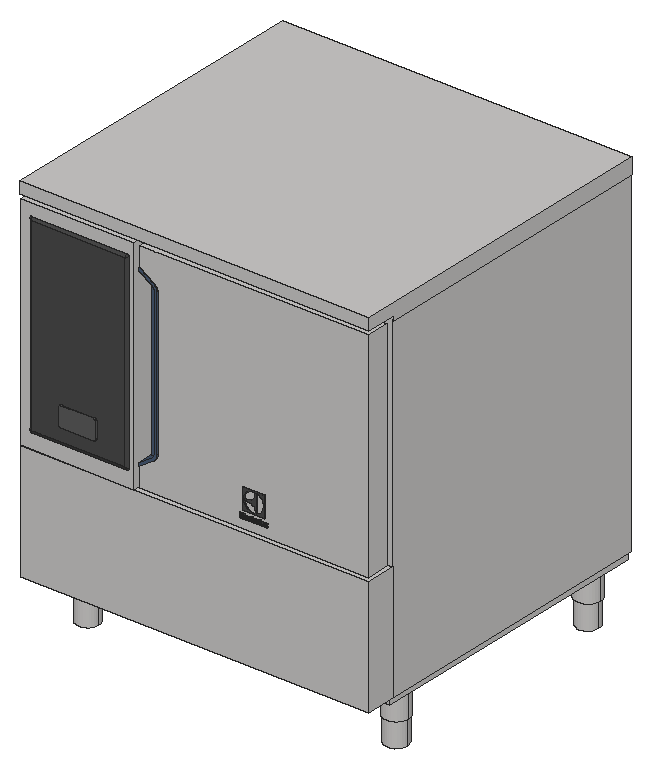
Revit family "QF_ELECTROLUXPROFESSIONAL_727731_EBFA61TQ", category Specialty Equipment, Revit 2018 (continued)
Automatic sketch dimensions
  Split face 46 sketch curve to Split face 46 sketch curve = 5.027 mm
  Split face 47 sketch curve to Extrusion 9 = 81.175 mm
  Split face 47 sketch curve to Extrusion 9 = 377.596 mm
  Split face 47 sketch curve to Split face 47 sketch curve = 110.015 mm
  Split face 47 sketch curve to Split face 47 sketch curve = 5.027 mm
  Split face 48 sketch curve to Extrusion 9 = 71.703 mm
  Split face 48 sketch curve to Extrusion 9 = 377.596 mm
  Split face 48 sketch curve to Split face 48 sketch curve = 110.015 mm
  Split face 48 sketch curve to Split face 48 sketch curve = 5.027 mm
  Split face 49 sketch curve to Extrusion 9 = 62.231 mm
  Split face 49 sketch curve to Extrusion 9 = 377.596 mm
  Split face 49 sketch curve to Split face 49 sketch curve = 110.015 mm
  Split face 49 sketch curve to Split face 49 sketch curve = 5.027 mm
  Split face 50 sketch curve to Extrusion 9 = 52.758 mm
  Split face 50 sketch curve to Extrusion 9 = 377.596 mm
  Split face 50 sketch curve to Extrusion 9 = 47.731 mm
  Split face 50 sketch curve to Split face 50 sketch curve = 110.015 mm
  Split face 51 sketch curve to Extrusion 9 = 43.286 mm
  Split face 51 sketch curve to Extrusion 9 = 377.596 mm
  Split face 51 sketch curve to Extrusion 9 = 38.259 mm
  Split face 51 sketch curve to Split face 51 sketch curve = 110.015 mm
  Split face 52 sketch curve to Extrusion 9 = 33.814 mm
  Split face 52 sketch curve to Extrusion 9 = 377.596 mm
  Split face 52 sketch curve to Extrusion 9 = 28.787 mm
  Split face 52 sketch curve to Split face 52 sketch curve = 110.015 mm
  Split face 53 sketch curve to Extrusion 9 = 31.361 mm
  Split face 53 sketch curve to Extrusion 9 = 262.581 mm
  Split face 53 sketch curve to Extrusion 9 = 36.388 mm
  Split face 53 sketch curve to Split face 53 sketch curve = 110.015 mm
  Split face 54 sketch curve to Extrusion 9 = 40.833 mm
  Split face 54 sketch curve to Extrusion 9 = 262.581 mm
  Split face 54 sketch curve to Extrusion 9 = 45.86 mm
  Split face 54 sketch curve to Split face 54 sketch curve = 110.015 mm
  Split face 55 sketch curve to Extrusion 9 = 50.305 mm
  Split face 55 sketch curve to Extrusion 9 = 262.581 mm
  Split face 55 sketch curve to Split face 55 sketch curve = 110.015 mm
  Split face 55 sketch curve to Split face 55 sketch curve = 5.027 mm
  Split face 56 sketch curve to Extrusion 9 = 59.777 mm
  Split face 56 sketch curve to Extrusion 9 = 262.581 mm
  Split face 56 sketch curve to Split face 56 sketch curve = 110.015 mm
  Split face 56 sketch curve to Split face 56 sketch curve = 5.027 mm
  Split face 57 sketch curve to Extrusion 9 = 69.25 mm
  Split face 57 sketch curve to Extrusion 9 = 262.581 mm
  Split face 57 sketch curve to Split face 57 sketch curve = 110.015 mm
  Split face 57 sketch curve to Split face 57 sketch curve = 5.027 mm
  Split face 58 sketch curve to Extrusion 9 = 78.722 mm
  Split face 58 sketch curve to Extrusion 9 = 262.581 mm
  Split face 58 sketch curve to Split face 58 sketch curve = 110.015 mm
  Split face 58 sketch curve to Split face 58 sketch curve = 5.027 mm
  Split face 59 sketch curve to Extrusion 9 = 88.194 mm
  Split face 59 sketch curve to Extrusion 9 = 262.581 mm
  Split face 59 sketch curve to Split face 59 sketch curve = 110.015 mm
  Split face 59 sketch curve to Split face 59 sketch curve = 5.027 mm
  Split face 60 sketch curve to Extrusion 9 = 97.666 mm
  Split face 60 sketch curve to Extrusion 9 = 262.581 mm
  Split face 60 sketch curve to Split face 60 sketch curve = 110.015 mm
  Split face 60 sketch curve to Split face 60 sketch curve = 5.027 mm
  Split face 61 sketch curve to Extrusion 9 = 107.138 mm
  Split face 61 sketch curve to Extrusion 9 = 262.581 mm
  Split face 61 sketch curve to Split face 61 sketch curve = 110.015 mm
  Split face 61 sketch curve to Split face 61 sketch curve = 5.027 mm
  Split face 62 sketch curve to Extrusion 9 = 116.611 mm
  Split face 62 sketch curve to Extrusion 9 = 262.581 mm
  Split face 62 sketch curve to Split face 62 sketch curve = 110.015 mm
  Split face 62 sketch curve to Split face 62 sketch curve = 5.027 mm
  Split face 63 sketch curve to Extrusion 9 = 126.083 mm
  Split face 63 sketch curve to Extrusion 9 = 262.581 mm
  Split face 63 sketch curve to Split face 63 sketch curve = 110.015 mm
  Split face 63 sketch curve to Split face 63 sketch curve = 5.027 mm
  Split face 64 sketch curve to Extrusion 9 = 262.581 mm
  Split face 64 sketch curve to Split face 64 sketch curve = 110.015 mm
  Split face 64 sketch curve to Extrusion 9 = 135.555 mm
  Split face 64 sketch curve to Split face 64 sketch curve = 5.027 mm
  Split face 65 sketch curve to Extrusion 9 = 262.581 mm
  Split face 65 sketch curve to Split face 65 sketch curve = 110.015 mm
  Split face 65 sketch curve to Extrusion 9 = 145.027 mm
  Split face 65 sketch curve to Split face 65 sketch curve = 5.027 mm
  Split face 66 sketch curve to Extrusion 9 = 262.581 mm
  Split face 66 sketch curve to Split face 66 sketch curve = 110.015 mm
  Split face 66 sketch curve to Extrusion 9 = 147.48 mm
  Split face 66 sketch curve to Split face 66 sketch curve = 5.027 mm
  Split face 67 sketch curve to Extrusion 9 = 262.581 mm
  Split face 67 sketch curve to Split face 67 sketch curve = 110.015 mm
  Split face 67 sketch curve to Extrusion 9 = 138.008 mm
  Split face 67 sketch curve to Split face 67 sketch curve = 5.027 mm
  Split face 68 sketch curve to Extrusion 9 = 128.536 mm
  Split face 68 sketch curve to Extrusion 9 = 262.581 mm
  Split face 68 sketch curve to Split face 68 sketch curve = 110.015 mm
  Split face 68 sketch curve to Split face 68 sketch curve = 5.027 mm
  Split face 69 sketch curve to Extrusion 9 = 119.064 mm
  Split face 69 sketch curve to Extrusion 9 = 262.581 mm
  Split face 69 sketch curve to Split face 69 sketch curve = 110.015 mm
  Split face 69 sketch curve to Split face 69 sketch curve = 5.027 mm
  Split face 70 sketch curve to Extrusion 9 = 109.592 mm
  Split face 70 sketch curve to Extrusion 9 = 262.581 mm
  Split face 70 sketch curve to Split face 70 sketch curve = 110.015 mm
  Split face 70 sketch curve to Split face 70 sketch curve = 5.027 mm
  Split face 71 sketch curve to Extrusion 9 = 100.119 mm
  Split face 71 sketch curve to Extrusion 9 = 262.581 mm
  Split face 71 sketch curve to Split face 71 sketch curve = 110.015 mm
  Split face 71 sketch curve to Split face 71 sketch curve = 5.027 mm
  Split face 72 sketch curve to Extrusion 9 = 90.647 mm
  Split face 72 sketch curve to Extrusion 9 = 262.581 mm
  Split face 72 sketch curve to Split face 72 sketch curve = 110.015 mm
  Split face 72 sketch curve to Split face 72 sketch curve = 5.027 mm
  Split face 73 sketch curve to Extrusion 9 = 81.175 mm
  Split face 73 sketch curve to Extrusion 9 = 262.581 mm
  Split face 73 sketch curve to Split face 73 sketch curve = 110.015 mm
  Split face 73 sketch curve to Split face 73 sketch curve = 5.027 mm
  Split face 74 sketch curve to Extrusion 9 = 71.703 mm
  Split face 74 sketch curve to Extrusion 9 = 262.581 mm
  Split face 74 sketch curve to Split face 74 sketch curve = 110.015 mm
  Split face 74 sketch curve to Split face 74 sketch curve = 5.027 mm
  Split face 75 sketch curve to Extrusion 9 = 62.231 mm
  Split face 75 sketch curve to Extrusion 9 = 262.581 mm
  Split face 75 sketch curve to Split face 75 sketch curve = 110.015 mm
  Split face 75 sketch curve to Split face 75 sketch curve = 5.027 mm
  Split face 76 sketch curve to Extrusion 9 = 52.758 mm
  Split face 76 sketch curve to Extrusion 9 = 262.581 mm
  Split face 76 sketch curve to Extrusion 9 = 47.731 mm
  Split face 76 sketch curve to Split face 76 sketch curve = 110.015 mm
  Split face 77 sketch curve to Extrusion 9 = 43.286 mm
  Split face 77 sketch curve to Extrusion 9 = 262.581 mm
  Split face 77 sketch curve to Extrusion 9 = 38.259 mm
  Split face 77 sketch curve to Split face 77 sketch curve = 110.015 mm
  Split face 78 sketch curve to Extrusion 9 = 33.814 mm
  Split face 78 sketch curve to Extrusion 9 = 262.581 mm
  Split face 78 sketch curve to Extrusion 9 = 28.787 mm
  Split face 78 sketch curve to Split face 78 sketch curve = 110.015 mm
  Split face 79 sketch curve to Extrusion 9 = 31.361 mm
  Split face 79 sketch curve to Extrusion 9 = 147.565 mm
  Split face 79 sketch curve to Extrusion 9 = 36.388 mm
  Split face 79 sketch curve to Split face 79 sketch curve = 110.015 mm
  Split face 80 sketch curve to Extrusion 9 = 40.833 mm
  Split face 80 sketch curve to Extrusion 9 = 147.565 mm
  Split face 80 sketch curve to Extrusion 9 = 45.86 mm
  Split face 80 sketch curve to Split face 80 sketch curve = 110.015 mm
  Split face 81 sketch curve to Extrusion 9 = 50.305 mm
  Split face 81 sketch curve to Extrusion 9 = 147.565 mm
  Split face 81 sketch curve to Split face 81 sketch curve = 110.015 mm
  Split face 81 sketch curve to Split face 81 sketch curve = 5.027 mm
  Split face 82 sketch curve to Extrusion 9 = 59.777 mm
  Split face 82 sketch curve to Extrusion 9 = 147.565 mm
  Split face 82 sketch curve to Split face 82 sketch curve = 110.015 mm
  Split face 82 sketch curve to Split face 82 sketch curve = 5.027 mm
  Split face 83 sketch curve to Extrusion 9 = 69.25 mm
  Split face 83 sketch curve to Extrusion 9 = 147.565 mm
  Split face 83 sketch curve to Split face 83 sketch curve = 110.015 mm
  Split face 83 sketch curve to Split face 83 sketch curve = 5.027 mm
  Split face 84 sketch curve to Extrusion 9 = 147.565 mm
  Split face 84 sketch curve to Split face 84 sketch curve = 110.015 mm
  Split face 84 sketch curve to Extrusion 9 = 78.722 mm
  Split face 84 sketch curve to Split face 84 sketch curve = 5.027 mm
  Split face 85 sketch curve to Extrusion 9 = 147.565 mm
  Split face 85 sketch curve to Split face 85 sketch curve = 110.015 mm
  Split face 85 sketch curve to Extrusion 9 = 88.194 mm
  Split face 85 sketch curve to Split face 85 sketch curve = 5.027 mm
  Split face 86 sketch curve to Extrusion 9 = 147.565 mm
  Split face 86 sketch curve to Split face 86 sketch curve = 110.015 mm
  Split face 86 sketch curve to Extrusion 9 = 97.666 mm
  Split face 86 sketch curve to Split face 86 sketch curve = 5.027 mm
  Split face 87 sketch curve to Extrusion 9 = 147.565 mm
  Split face 87 sketch curve to Split face 87 sketch curve = 110.015 mm
  Split face 87 sketch curve to Extrusion 9 = 107.138 mm
  Split face 87 sketch curve to Split face 87 sketch curve = 5.027 mm
  Split face 88 sketch curve to Extrusion 9 = 147.565 mm
  Split face 88 sketch curve to Split face 88 sketch curve = 110.015 mm
  Split face 88 sketch curve to Extrusion 9 = 116.611 mm
  Split face 88 sketch curve to Split face 88 sketch curve = 5.027 mm
  Split face 89 sketch curve to Extrusion 9 = 147.565 mm
  Split face 89 sketch curve to Split face 89 sketch curve = 110.015 mm
  Split face 89 sketch curve to Extrusion 9 = 126.083 mm
  Split face 89 sketch curve to Split face 89 sketch curve = 5.027 mm
  Split face 90 sketch curve to Extrusion 9 = 147.565 mm
  Split face 90 sketch curve to Split face 90 sketch curve = 110.015 mm
  Split face 90 sketch curve to Extrusion 9 = 135.555 mm
  Split face 90 sketch curve to Split face 90 sketch curve = 5.027 mm
  Split face 91 sketch curve to Extrusion 9 = 147.565 mm
  Split face 91 sketch curve to Split face 91 sketch curve = 110.015 mm
  Split face 91 sketch curve to Extrusion 9 = 145.027 mm
  Split face 91 sketch curve to Split face 91 sketch curve = 5.027 mm
  Split face 92 sketch curve to Extrusion 9 = 147.565 mm
  Split face 92 sketch curve to Split face 92 sketch curve = 110.015 mm
  Split face 92 sketch curve to Extrusion 9 = 147.48 mm
  Split face 92 sketch curve to Split face 92 sketch curve = 5.027 mm
  Split face 93 sketch curve to Extrusion 9 = 147.565 mm
  Split face 93 sketch curve to Split face 93 sketch curve = 110.015 mm
  Split face 93 sketch curve to Extrusion 9 = 138.008 mm
  Split face 93 sketch curve to Split face 93 sketch curve = 5.027 mm
  Split face 94 sketch curve to Extrusion 9 = 147.565 mm
  Split face 94 sketch curve to Split face 94 sketch curve = 110.015 mm
  Split face 94 sketch curve to Extrusion 9 = 128.536 mm
  Split face 94 sketch curve to Split face 94 sketch curve = 5.027 mm
  Split face 95 sketch curve to Extrusion 9 = 147.565 mm
  Split face 95 sketch curve to Split face 95 sketch curve = 110.015 mm
  Split face 95 sketch curve to Extrusion 9 = 119.064 mm
  Split face 95 sketch curve to Split face 95 sketch curve = 5.027 mm
  Split face 96 sketch curve to Extrusion 9 = 147.565 mm
  Split face 96 sketch curve to Split face 96 sketch curve = 110.015 mm
  Split face 96 sketch curve to Extrusion 9 = 109.592 mm
  Split face 96 sketch curve to Split face 96 sketch curve = 5.027 mm
  Split face 97 sketch curve to Extrusion 9 = 147.565 mm
  Split face 97 sketch curve to Split face 97 sketch curve = 110.015 mm
  Split face 97 sketch curve to Extrusion 9 = 100.119 mm
  Split face 97 sketch curve to Split face 97 sketch curve = 5.027 mm
  Split face 98 sketch curve to Extrusion 9 = 147.565 mm
  Split face 98 sketch curve to Split face 98 sketch curve = 110.015 mm
  Split face 98 sketch curve to Extrusion 9 = 90.647 mm
  Split face 98 sketch curve to Split face 98 sketch curve = 5.027 mm
  Split face 99 sketch curve to Extrusion 9 = 147.565 mm
  Split face 99 sketch curve to Split face 99 sketch curve = 110.015 mm
  Split face 99 sketch curve to Extrusion 9 = 81.175 mm
  Split face 99 sketch curve to Split face 99 sketch curve = 5.027 mm
  Split face 100 sketch curve to Extrusion 9 = 71.703 mm
  Split face 100 sketch curve to Extrusion 9 = 147.565 mm
  Split face 100 sketch curve to Split face 100 sketch curve = 110.015 mm
  Split face 100 sketch curve to Split face 100 sketch curve = 5.027 mm
  Split face 101 sketch curve to Extrusion 9 = 62.231 mm
  Split face 101 sketch curve to Extrusion 9 = 147.565 mm
  Split face 101 sketch curve to Split face 101 sketch curve = 110.015 mm
  Split face 101 sketch curve to Split face 101 sketch curve = 5.027 mm
  Split face 102 sketch curve to Extrusion 9 = 52.758 mm
  Split face 102 sketch curve to Extrusion 9 = 147.565 mm
  Split face 102 sketch curve to Extrusion 9 = 47.731 mm
  Split face 102 sketch curve to Split face 102 sketch curve = 110.015 mm
  Split face 103 sketch curve to Extrusion 9 = 43.286 mm
  Split face 103 sketch curve to Extrusion 9 = 147.565 mm
  Split face 103 sketch curve to Extrusion 9 = 38.259 mm
  Split face 103 sketch curve to Split face 103 sketch curve = 110.015 mm
  Split face 104 sketch curve to Extrusion 9 = 33.814 mm
  Split face 104 sketch curve to Extrusion 9 = 147.565 mm
  Split face 104 sketch curve to Extrusion 9 = 28.787 mm
  Split face 104 sketch curve to Split face 104 sketch curve = 110.015 mm
  Split face 105 sketch curve to Extrusion 9 = 32.55 mm
  Split face 105 sketch curve to Extrusion 9 = 36.388 mm
  Split face 105 sketch curve to Split face 105 sketch curve = 110.015 mm
  Split face 105 sketch curve to Split face 105 sketch curve = 5.027 mm
  Split face 106 sketch curve to Extrusion 9 = 32.55 mm
  Split face 106 sketch curve to Extrusion 9 = 45.86 mm
  Split face 106 sketch curve to Split face 106 sketch curve = 110.015 mm
  Split face 106 sketch curve to Split face 106 sketch curve = 5.027 mm
  Split face 107 sketch curve to Extrusion 9 = 32.55 mm
  Split face 107 sketch curve to Split face 107 sketch curve = 110.015 mm
  Split face 107 sketch curve to Extrusion 9 = 50.305 mm
  Split face 107 sketch curve to Split face 107 sketch curve = 5.027 mm
  Split face 108 sketch curve to Extrusion 9 = 32.55 mm
  Split face 108 sketch curve to Split face 108 sketch curve = 110.015 mm
  Split face 108 sketch curve to Extrusion 9 = 59.777 mm
  Split face 108 sketch curve to Split face 108 sketch curve = 5.027 mm
  Split face 109 sketch curve to Extrusion 9 = 32.55 mm
  Split face 109 sketch curve to Split face 109 sketch curve = 110.015 mm
  Split face 109 sketch curve to Extrusion 9 = 69.25 mm
  Split face 109 sketch curve to Split face 109 sketch curve = 5.027 mm
  Split face 110 sketch curve to Extrusion 9 = 32.55 mm
  Split face 110 sketch curve to Split face 110 sketch curve = 110.015 mm
  Split face 110 sketch curve to Extrusion 9 = 78.722 mm
  Split face 110 sketch curve to Split face 110 sketch curve = 5.027 mm
  Split face 111 sketch curve to Extrusion 9 = 32.55 mm
  Split face 111 sketch curve to Split face 111 sketch curve = 110.015 mm
  Split face 111 sketch curve to Extrusion 9 = 88.194 mm
  Split face 111 sketch curve to Split face 111 sketch curve = 5.027 mm
  Split face 112 sketch curve to Extrusion 9 = 32.55 mm
  Split face 112 sketch curve to Split face 112 sketch curve = 110.015 mm
  Split face 112 sketch curve to Extrusion 9 = 97.666 mm
  Split face 112 sketch curve to Split face 112 sketch curve = 5.027 mm
  Split face 113 sketch curve to Extrusion 9 = 32.55 mm
  Split face 113 sketch curve to Split face 113 sketch curve = 110.015 mm
  Split face 113 sketch curve to Extrusion 9 = 107.138 mm
  Split face 113 sketch curve to Split face 113 sketch curve = 5.027 mm
  Split face 114 sketch curve to Extrusion 9 = 32.55 mm
  Split face 114 sketch curve to Split face 114 sketch curve = 110.015 mm
  Split face 114 sketch curve to Extrusion 9 = 116.611 mm
  Split face 114 sketch curve to Split face 114 sketch curve = 5.027 mm
  Split face 115 sketch curve to Extrusion 9 = 32.55 mm
  Split face 115 sketch curve to Split face 115 sketch curve = 110.015 mm
  Split face 115 sketch curve to Extrusion 9 = 126.083 mm
  Split face 115 sketch curve to Split face 115 sketch curve = 5.027 mm
  Split face 116 sketch curve to Extrusion 9 = 32.55 mm
  Split face 116 sketch curve to Split face 116 sketch curve = 110.015 mm
  Split face 116 sketch curve to Extrusion 9 = 135.555 mm
  Split face 116 sketch curve to Split face 116 sketch curve = 5.027 mm
  Split face 117 sketch curve to Extrusion 9 = 32.55 mm
  Split face 117 sketch curve to Split face 117 sketch curve = 110.015 mm
  Split face 117 sketch curve to Extrusion 9 = 145.027 mm
  Split face 117 sketch curve to Split face 117 sketch curve = 5.027 mm
  Split face 118 sketch curve to Extrusion 9 = 32.55 mm
  Split face 118 sketch curve to Split face 118 sketch curve = 110.015 mm
  Split face 118 sketch curve to Extrusion 9 = 147.48 mm
  Split face 118 sketch curve to Split face 118 sketch curve = 5.027 mm
  Split face 119 sketch curve to Extrusion 9 = 32.55 mm
  Split face 119 sketch curve to Split face 119 sketch curve = 110.015 mm
  Split face 119 sketch curve to Extrusion 9 = 138.008 mm
  Split face 119 sketch curve to Split face 119 sketch curve = 5.027 mm
  Split face 120 sketch curve to Extrusion 9 = 32.55 mm
  Split face 120 sketch curve to Split face 120 sketch curve = 110.015 mm
  Split face 120 sketch curve to Extrusion 9 = 128.536 mm
  Split face 120 sketch curve to Split face 120 sketch curve = 5.027 mm
  Split face 121 sketch curve to Extrusion 9 = 32.55 mm
  Split face 121 sketch curve to Split face 121 sketch curve = 110.015 mm
  Split face 121 sketch curve to Extrusion 9 = 119.064 mm
  Split face 121 sketch curve to Split face 121 sketch curve = 5.027 mm
  Split face 122 sketch curve to Extrusion 9 = 32.55 mm
  Split face 122 sketch curve to Split face 122 sketch curve = 110.015 mm
  Split face 122 sketch curve to Extrusion 9 = 109.592 mm
  Split face 122 sketch curve to Split face 122 sketch curve = 5.027 mm
  Split face 123 sketch curve to Extrusion 9 = 32.55 mm
  Split face 123 sketch curve to Split face 123 sketch curve = 110.015 mm
  Split face 123 sketch curve to Extrusion 9 = 100.119 mm
  Split face 123 sketch curve to Split face 123 sketch curve = 5.027 mm
  Split face 124 sketch curve to Extrusion 9 = 32.55 mm
  Split face 124 sketch curve to Split face 124 sketch curve = 110.015 mm
  Split face 124 sketch curve to Extrusion 9 = 90.647 mm
  Split face 124 sketch curve to Split face 124 sketch curve = 5.027 mm
  Split face 125 sketch curve to Extrusion 9 = 32.55 mm
  Split face 125 sketch curve to Split face 125 sketch curve = 110.015 mm
  Split face 125 sketch curve to Extrusion 9 = 81.175 mm
  Split face 125 sketch curve to Split face 125 sketch curve = 5.027 mm
  Split face 126 sketch curve to Extrusion 9 = 32.55 mm
  Split face 126 sketch curve to Split face 126 sketch curve = 110.015 mm
  Split face 126 sketch curve to Extrusion 9 = 71.703 mm
  Split face 126 sketch curve to Split face 126 sketch curve = 5.027 mm
  Split face 127 sketch curve to Extrusion 9 = 32.55 mm
  Split face 127 sketch curve to Split face 127 sketch curve = 110.015 mm
  Split face 127 sketch curve to Extrusion 9 = 62.231 mm
  Split face 127 sketch curve to Split face 127 sketch curve = 5.027 mm
  Split face 128 sketch curve to Extrusion 9 = 32.55 mm
  Split face 128 sketch curve to Extrusion 9 = 47.731 mm
  Split face 128 sketch curve to Split face 128 sketch curve = 110.015 mm
  Split face 128 sketch curve to Split face 128 sketch curve = 5.027 mm
  Split face 129 sketch curve to Extrusion 9 = 32.55 mm
  Split face 129 sketch curve to Extrusion 9 = 38.259 mm
  Split face 129 sketch curve to Split face 129 sketch curve = 110.015 mm
  Split face 129 sketch curve to Split face 129 sketch curve = 5.027 mm
  Split face 130 sketch curve to Extrusion 9 = 32.55 mm
  Split face 130 sketch curve to Extrusion 9 = 28.787 mm
  Split face 130 sketch curve to Split face 130 sketch curve = 110.015 mm
  Split face 130 sketch curve to Split face 130 sketch curve = 5.027 mm
  Extrusion 13 sketch curve to plane 5 "BACK" = 0 mm  (x2)
  Extrusion 13 sketch curve to plane 15 = 0 mm  (x2)
  Extrusion 13 sketch curve to plane 3 "Center Y" = 141.58 mm
  Extrusion 13 sketch curve to Extrusion 13 sketch curve = 1.631 mm  (x2)
  Extrusion 13 sketch curve to Extrusion 13 sketch curve = 9.723 mm
  plane 10 to Extrusion 13 sketch curve = 80.967 mm
  plane 10 to Extrusion 13 sketch curve = 72.875 mm
  Extrusion 14 sketch curve to plane 14 = 0.005 mm
  plane 7 "FRONT" to Extrusion 14 sketch curve = 0 mm
  plane 16 to Extrusion 14 sketch curve = 47.24 mm
  Extrusion 14 sketch curve to Extrusion 14 sketch curve = 8.487 mm
  Extrusion 14 sketch curve to Extrusion 14 sketch curve = 8.95 mm
  Extrusion 14 sketch curve to Extrusion 14 sketch curve = 10.513 mm
  Extrusion 14 sketch curve to Extrusion 14 sketch curve = 20 mm
  Extrusion 14 sketch curve to Extrusion 14 sketch curve = 35.79 mm
  Extrusion 14 sketch curve to Extrusion 14 sketch curve = 36.253 mm
  Extrusion 14 sketch curve to Extrusion 14 sketch curve = 51.135 mm
  Extrusion 14 sketch curve to Extrusion 14 sketch curve = 24.082 mm
  Extrusion 14 sketch curve to Extrusion 14 sketch curve = 374.913 mm
  Extrusion 14 sketch curve to Extrusion 14 sketch curve = 23.723 mm
  plane 8 to Extrusion 14 sketch curve = 332.497 mm
  Extrusion 15 sketch curve to Extrusion 14 = 0 mm  (x6)
  Extrusion 14 to Extrusion 15 sketch curve = 0 mm  (x2)
  Extrusion 14 to Extrusion 15 sketch curve = 8.487 mm
  Extrusion 14 to Extrusion 15 sketch curve = 8.95 mm
  Extrusion 15 sketch curve to Extrusion 15 sketch curve = 11.05 mm
  Extrusion 16 sketch curve to Extrusion 16 sketch curve = 0 mm  (x2)
  Extrusion 16 sketch curve to Extrusion 14 = 0 mm  (x5)
  Extrusion 14 to Extrusion 16 sketch curve = 2.5 mm  (x2)
  Extrusion 16 sketch curve to Extrusion 16 sketch curve = 13.5 mm
  Extrusion 14 to Extrusion 16 sketch curve = 12.541 mm
  Extrusion 16 sketch curve to Extrusion 16 sketch curve = 5.583 mm
  Extrusion 16 sketch curve to Extrusion 16 sketch curve = 3.591 mm
  Extrusion 16 sketch curve to Extrusion 16 sketch curve = 3.597 mm
  Extrusion 16 sketch curve to Extrusion 16 sketch curve = 6.141 mm
  Extrusion 16 sketch curve to Extrusion 16 sketch curve = 6.143 mm
  Extrusion 17 sketch curve to plane 7 "FRONT" = 0 mm
  plane 16 to Extrusion 17 sketch curve = 2.5 mm
  Extrusion 17 sketch curve to plane 12 = 2 mm
  Extrusion 17 sketch curve to plane 6 "RIGHT" = 21.029 mm
  plane 7 "FRONT" to Extrusion 17 sketch curve = 16.966 mm
  curve 15 to plane 7 "FRONT" = 0 mm
  curve 3 to plane 6 "RIGHT" = 0 mm
  curve 17 to plane 7 "FRONT" = 0 mm
  curve 10 to plane 5 "BACK" = 0 mm
  curve 10 to plane 15 = 0 mm
  curve 2 to plane 4 "LEFT" = 0 mm
  plane 16 to curve 15 = 2.5 mm
  plane 6 "RIGHT" to curve 15 = 6 mm
  curve 14 to plane 6 "RIGHT" = 21.029 mm
  curve 16 to plane 12 = 2 mm
  curve 10 to plane 3 "Center Y" = 151.303 mm
  curve 6 to plane 7 "FRONT" = 5 mm
  curve 6 to plane 3 "Center Y" = 176 mm
  plane 10 to curve 8 = 80.967 mm
  plane 10 to curve 12 = 22.5 mm
  plane 10 to curve 13 = 1.5 mm
  curve 5 to plane 10 = 17.5 mm
  curve 13 to curve 13 = 29 mm
  plane 7 "FRONT" to curve 14 = 16.966 mm
  curve 10 to curve 9 = 8.092 mm
  curve 6 to curve 5 = 8 mm
  curve 8 to curve 12 = 50.375 mm
  curve 5 to curve 7 = 8 mm
  radius of Extrusion 5 sketch curve = 10.5 mm
  radius of Extrusion 6 sketch curve to Extrusion 2 = 0 mm
  radius of Extrusion 7 sketch curve to Extrusion 2 = 0 mm
  radius of Extrusion 7 sketch curve to Extrusion 2 = 6.5 mm
  radius of Extrusion 12 sketch curve = 9.5 mm
  radius of Extrusion 15 sketch curve to Extrusion 14 = 0 mm
  radius of Extrusion 16 sketch curve to Extrusion 14 = 0 mm
  radius of Extrusion 16 sketch curve to Extrusion 14 = 6.5 mm
Nested families
  nested 1: "Foot_Complete" at (-708, -142.149, 0), type "Foot_Complete"
    with H 130 mm
  nested 2: "Foot_Complete" at (85, -142.149, 0), type "Foot_Complete"
    with H 130 mm
  nested 3: "Foot_Complete" at (85, 473.851, 0), type "Foot_Complete"
    with H 130 mm
  nested 4: "Foot_Complete" at (-708, 473.851, 0), type "Foot_Complete"
    with H 130 mm
  nested 5: "ELX_Logo_S_New" at (-157.603, -295.149, 492.497) x (1, 0, 0) z (0, -1, 0), visible <- "Show Logo", type "ELX_Logo_S_New"
    with M QF_Finishes_Black
  nested 6: "ELX_Logo_Symbol" at (-157.603, -295.149, 532.497) x (-1, 0, 0) z (0, -1, 0), visible <- "Show Logo", type "ELX_Logo_Symbol"
    with M QF_Finishes_Black
  nested 7: "ELX_Touch" at (-606.5, -295.149, 741.265) x (1, 0, 0) z (0, -1, 0), type "ELX_Touch"
Connectors
  electrical at (-696, 577.851, 258), driven by "Volts"
    settings: on Extrusion 5, index 5, voltage 208 V, apparent load 0 VA, apparent load phase1 0 VA, apparent load phase2 0 VA, apparent load phase3 0 VA, power factor 1, load classification "Altro", number of poles 1, system type 30, power factor state 1, is connector primary yes, connector utility no, sub classification motor no, connector description "Electrical Connection"
  piping at (-360, 215.851, 98.32), diameter 19
    settings: on cut or joined group of Extrusion 1, Extrusion 3, Extrusion 4, Extrusion 5, Extrusion 10, Extrusion 11, Extrusion 12, Extrusion 13, index 6, connector inside diameter 609.6 mm, connector length 0 mm, flow factor 0, pipe flow 0.0 L/s, pressure drop 0.0 Pa, fitting loss kfactor 0, connector angle 0.00°, fixture units 0, engagement length 0 mm, angle of deflection 0.00°, flow configuration 1, flow direction 2, fitting loss method 0, system type 16, joint type 0, gender type 0, connector reference index -1, connector utility 0, adjustable connector no, is connector primary yes, connector description "Drain"
Definition of nested family "Foot_Complete"
  Parameters
    R = 32 mm
    H = 150 mm
  Reference planes
    plane 1 "Centro (Fronte/Retro)": y = 0
    plane 2: z = 0
    plane 3 "Centro (Sinistra/Destra)": x = 0
    plane 4: z = 150
  Forms (mm)
    Revolve 1, solid
      sketch origin (255.05, 0, 608.09) x (0, 0, 1) y (-1, 0, 0)
        loop
          line (-608.09, 255.05) -> (-608.09, 226.55) -> (-544.09, 226.55) -> (-544.09, 223.05) -> (-458.09, 223.05) -> (-458.09, 255.05) -> (-608.09, 255.05)
        axis (-608.09, 255.05) -> (-458.09, 255.05)
      angle from 0 to 360
  Dimensions and locks
    locked: level to Revolve 1 sketch curve at 64
    "R": Revolve 1 sketch curve to plane 3 "Centro (Sinistra/Destra)"
    "H": plane 4 to level
    aligned and locked: level to plane 2
    aligned and locked: plane 4 to Revolve 1 sketch curve
    aligned and locked: Revolve 1 sketch curve to level
    aligned and locked: plane 3 "Centro (Sinistra/Destra)" to Revolve 1 sketch curve
  Automatic sketch dimensions
    Revolve 1 sketch curve to plane 3 "Centro (Sinistra/Destra)" = 0 mm
    plane 3 "Centro (Sinistra/Destra)" to Revolve 1 sketch curve = 28.5 mm
    Revolve 1 sketch curve to Revolve 1 sketch curve = 50 mm
    Revolve 1 sketch curve to Revolve 1 sketch curve = 20 mm
Definition of nested family "ELX_Logo_S_New"
  Parameters
    Default Elevation = 0 mm
    M [instance] = none
  Reference planes
    plane 1 "Centro (Fronte/Retro)": y = 0
    plane 2: z = 0
    plane 3 "Centro (Sinistra/Destra)": x = 0
  Forms (mm)
    Extrusion 1, solid
      sketch origin (0, 0, 0) x (1, 0, 0) y (0, 1, 0)
        loop
          line (-1219.2, 1219.2) -> (-1219.2, -1219.2) -> (1219.2, -1219.2) -> (1219.2, 1219.2) -> (-1219.2, 1219.2)
      from 0 to -304.8
    Extrusion 2, solid, material <- "M"
      sketch origin (0, 0, 0) x (1, 0, 0) y (0, 1, 0)
        loop
          spline (-32.537, -4.135) -> (-32.702, -4.128) -> (-32.877, -4.105) -> (-33.059, -4.064) -> (-33.242, -4.002) -> (-33.422, -3.916) -> (-33.593, -3.803) -> (-33.751, -3.66) -> (-33.891, -3.486) -> (-34.008, -3.276) -> (-34.098, -3.029) -> (-34.155, -2.741) -> (-34.176, -2.41)
          line (-34.176, -2.41) -> (-34.176, -0.943) -> (-29.331, -0.943) -> (-29.331, 0.928) -> (-34.176, 0.928) -> (-34.176, 3.652) -> (-29.023, 3.652) -> (-29.023, 5.518) -> (-36.159, 5.518) -> (-36.159, -2.326)
          spline (-36.159, -2.326) -> (-36.142, -2.808) -> (-36.088, -3.263) -> (-35.996, -3.688) -> (-35.867, -4.083) -> (-35.698, -4.445) -> (-35.489, -4.773) -> (-35.239, -5.066) -> (-34.946, -5.322) -> (-34.61, -5.539) -> (-34.23, -5.716) -> (-33.804, -5.851) -> (-33.332, -5.943)
          line (-33.332, -5.943) -> (-32.554, -5.999) -> (-28.885, -5.999) -> (-28.885, -4.135) -> (-32.537, -4.135)
        loop
          line (-27.476, 0.076) -> (-27.476, -6.002) -> (-25.492, -6.002) -> (-25.492, 5.521) -> (-27.476, 5.521) -> (-27.476, 0.076)
        loop
          spline (-15.702, -2.321) -> (-15.689, -1.697) -> (-15.749, -1.094) -> (-15.879, -0.516) -> (-16.078, 0.029) -> (-16.341, 0.538) -> (-16.668, 1.004) -> (-17.055, 1.422) -> (-17.5, 1.786) -> (-17.999, 2.091) -> (-18.552, 2.331) -> (-19.154, 2.5) -> (-19.804, 2.594)
          spline (-19.804, 2.594) -> (-20.422, 2.558) -> (-21.009, 2.453) -> (-21.56, 2.28) -> (-22.072, 2.042) -> (-22.54, 1.743) -> (-22.96, 1.385) -> (-23.327, 0.97) -> (-23.638, 0.502) -> (-23.887, -0.018) -> (-24.07, -0.586) -> (-24.183, -1.2) -> (-24.222, -1.857)
          spline (-24.222, -1.857) -> (-24.184, -2.498) -> (-24.074, -3.097) -> (-23.895, -3.652) -> (-23.651, -4.16) -> (-23.344, -4.618) -> (-22.979, -5.023) -> (-22.559, -5.374) -> (-22.087, -5.667) -> (-21.567, -5.899) -> (-21.003, -6.068) -> (-20.397, -6.172) -> (-19.754, -6.207)
          spline (-19.754, -6.207) -> (-19.44, -6.2) -> (-19.13, -6.176) -> (-18.823, -6.135) -> (-18.52, -6.074) -> (-18.221, -5.993) -> (-17.925, -5.89) -> (-17.634, -5.762) -> (-17.346, -5.609) -> (-17.062, -5.43) -> (-16.782, -5.221) -> (-16.506, -4.983) -> (-16.234, -4.713)
          line (-16.234, -4.713) -> (-17.429, -3.55)
          spline (-17.429, -3.55) -> (-17.587, -3.702) -> (-17.745, -3.841) -> (-17.906, -3.967) -> (-18.07, -4.08) -> (-18.239, -4.181) -> (-18.415, -4.268) -> (-18.599, -4.343) -> (-18.792, -4.404) -> (-18.996, -4.452) -> (-19.213, -4.486) -> (-19.443, -4.506) -> (-19.688, -4.513)
          spline (-19.688, -4.513) -> (-20.047, -4.496) -> (-20.383, -4.443) -> (-20.696, -4.358) -> (-20.984, -4.24) -> (-21.246, -4.092) -> (-21.479, -3.915) -> (-21.683, -3.711) -> (-21.856, -3.48) -> (-21.997, -3.224) -> (-22.104, -2.945) -> (-22.176, -2.643) -> (-22.212, -2.321)
          line (-22.212, -2.321) -> (-15.702, -2.321)
        loop
          spline (-17.695, -0.926) -> (-17.714, -0.681) -> (-17.771, -0.445) -> (-17.861, -0.221) -> (-17.984, -0.01) -> (-18.135, 0.184) -> (-18.314, 0.36) -> (-18.516, 0.516) -> (-18.741, 0.648) -> (-18.984, 0.755) -> (-19.244, 0.834) -> (-19.518, 0.883) -> (-19.804, 0.9)
          spline (-19.804, 0.9) -> (-20.11, 0.884) -> (-20.405, 0.835) -> (-20.686, 0.757) -> (-20.95, 0.652) -> (-21.195, 0.521) -> (-21.419, 0.367) -> (-21.618, 0.192) -> (-21.79, -0.003) -> (-21.934, -0.214) -> (-22.045, -0.439) -> (-22.122, -0.678) -> (-22.162, -0.926)
          line (-22.162, -0.926) -> (-17.695, -0.926)
        loop
          spline (-12.669, -1.807) -> (-12.646, -1.438) -> (-12.58, -1.088) -> (-12.472, -0.759) -> (-12.326, -0.455) -> (-12.145, -0.177) -> (-11.93, 0.072) -> (-11.685, 0.289) -> (-11.412, 0.473) -> (-11.114, 0.62) -> (-10.793, 0.728) -> (-10.453, 0.794) -> (-10.095, 0.817)
          spline (-10.095, 0.817) -> (-9.876, 0.81) -> (-9.665, 0.79) -> (-9.464, 0.756) -> (-9.271, 0.709) -> (-9.086, 0.65) -> (-8.908, 0.578) -> (-8.737, 0.495) -> (-8.572, 0.399) -> (-8.414, 0.292) -> (-8.261, 0.173) -> (-8.113, 0.044) -> (-7.969, -0.096)
          line (-7.969, -0.096) -> (-6.741, 1.183)
          spline (-6.741, 1.183) -> (-6.985, 1.427) -> (-7.237, 1.647) -> (-7.496, 1.843) -> (-7.762, 2.015) -> (-8.034, 2.164) -> (-8.312, 2.291) -> (-8.596, 2.397) -> (-8.886, 2.482) -> (-9.181, 2.546) -> (-9.481, 2.592) -> (-9.786, 2.619) -> (-10.095, 2.627)
          spline (-10.095, 2.627) -> (-10.715, 2.589) -> (-11.308, 2.476) -> (-11.871, 2.294) -> (-12.396, 2.046) -> (-12.88, 1.736) -> (-13.316, 1.369) -> (-13.7, 0.949) -> (-14.026, 0.48) -> (-14.289, -0.035) -> (-14.483, -0.59) -> (-14.604, -1.182) -> (-14.645, -1.807)
          spline (-14.645, -1.807) -> (-14.604, -2.431) -> (-14.483, -3.023) -> (-14.289, -3.578) -> (-14.026, -4.093) -> (-13.7, -4.562) -> (-13.316, -4.983) -> (-12.88, -5.35) -> (-12.396, -5.659) -> (-11.871, -5.907) -> (-11.308, -6.09) -> (-10.715, -6.202) -> (-10.095, -6.24)
          spline (-10.095, -6.24) -> (-9.786, -6.232) -> (-9.481, -6.205) -> (-9.181, -6.16) -> (-8.886, -6.095) -> (-8.596, -6.01) -> (-8.312, -5.904) -> (-8.034, -5.777) -> (-7.762, -5.628) -> (-7.496, -5.456) -> (-7.237, -5.26) -> (-6.985, -5.04) -> (-6.741, -4.796)
          line (-6.741, -4.796) -> (-7.969, -3.517)
          spline (-7.969, -3.517) -> (-8.113, -3.657) -> (-8.261, -3.786) -> (-8.414, -3.905) -> (-8.572, -4.012) -> (-8.737, -4.108) -> (-8.908, -4.192) -> (-9.086, -4.263) -> (-9.271, -4.323) -> (-9.464, -4.369) -> (-9.665, -4.403) -> (-9.876, -4.423) -> (-10.095, -4.43)
          spline (-10.095, -4.43) -> (-10.453, -4.408) -> (-10.793, -4.341) -> (-11.114, -4.233) -> (-11.412, -4.086) -> (-11.685, -3.902) -> (-11.93, -3.685) -> (-12.145, -3.436) -> (-12.326, -3.158) -> (-12.472, -2.854) -> (-12.58, -2.526) -> (-12.646, -2.176) -> (-12.669, -1.807)
        loop
          spline (-1.683, -4.138) -> (-1.858, -4.14) -> (-2.045, -4.127) -> (-2.24, -4.095) -> (-2.438, -4.04) -> (-2.633, -3.959) -> (-2.822, -3.85) -> (-2.998, -3.709) -> (-3.157, -3.533) -> (-3.294, -3.318) -> (-3.404, -3.061) -> (-3.483, -2.76) -> (-3.524, -2.411)
          line (-3.524, -2.411) -> (-3.524, 0.529) -> (-1.72, 0.529) -> (-1.72, 2.331) -> (-3.522, 2.331) -> (-3.522, 5.521) -> (-5.506, 5.521) -> (-5.506, -2.523)
          spline (-5.506, -2.523) -> (-5.463, -2.99) -> (-5.386, -3.429) -> (-5.274, -3.839) -> (-5.126, -4.218) -> (-4.941, -4.564) -> (-4.717, -4.877) -> (-4.455, -5.155) -> (-4.153, -5.396) -> (-3.81, -5.599) -> (-3.425, -5.762) -> (-2.998, -5.884) -> (-2.528, -5.964)
          line (-2.528, -5.964) -> (-1.69, -6.002) -> (-1.683, -4.138)
        loop
          spline (4.991, 2.446) -> (4.648, 2.468) -> (4.318, 2.461) -> (4.001, 2.429) -> (3.699, 2.371) -> (3.413, 2.288) -> (3.142, 2.182) -> (2.89, 2.052) -> (2.655, 1.901) -> (2.439, 1.728) -> (2.244, 1.535) -> (2.069, 1.322) -> (1.917, 1.091)
          line (1.917, 1.091) -> (1.917, 2.33) -> (-0.051, 2.33) -> (-0.051, -6.002) -> (1.917, -6.002) -> (1.917, -1.621)
          spline (1.917, -1.621) -> (1.935, -1.288) -> (1.988, -0.979) -> (2.075, -0.693) -> (2.195, -0.432) -> (2.345, -0.197) -> (2.526, 0.01) -> (2.736, 0.189) -> (2.972, 0.338) -> (3.235, 0.456) -> (3.522, 0.541) -> (3.832, 0.594) -> (4.165, 0.611)
          line (4.165, 0.611) -> (4.991, 0.529) -> (4.991, 2.446)
        loop
          spline (14.388, -1.836) -> (14.347, -1.224) -> (14.226, -0.642) -> (14.031, -0.093) -> (13.768, 0.418) -> (13.441, 0.887) -> (13.057, 1.308) -> (12.621, 1.677) -> (12.137, 1.989) -> (11.612, 2.24) -> (11.051, 2.425) -> (10.459, 2.539) -> (9.842, 2.578)
          spline (9.842, 2.578) -> (9.221, 2.539) -> (8.627, 2.425) -> (8.064, 2.24) -> (7.539, 1.989) -> (7.056, 1.677) -> (6.62, 1.308) -> (6.237, 0.887) -> (5.912, 0.418) -> (5.65, -0.093) -> (5.456, -0.642) -> (5.336, -1.224) -> (5.295, -1.836)
          spline (5.295, -1.836) -> (5.336, -2.447) -> (5.456, -3.029) -> (5.65, -3.578) -> (5.912, -4.089) -> (6.237, -4.558) -> (6.62, -4.979) -> (7.056, -5.348) -> (7.539, -5.66) -> (8.064, -5.911) -> (8.627, -6.096) -> (9.221, -6.211) -> (9.842, -6.25)
          spline (9.842, -6.25) -> (10.459, -6.211) -> (11.051, -6.096) -> (11.612, -5.911) -> (12.137, -5.66) -> (12.621, -5.348) -> (13.057, -4.979) -> (13.441, -4.558) -> (13.768, -4.089) -> (14.031, -3.578) -> (14.226, -3.029) -> (14.347, -2.447) -> (14.388, -1.836)
        loop
          spline (12.42, -1.836) -> (12.397, -1.475) -> (12.33, -1.131) -> (12.222, -0.807) -> (12.075, -0.504) -> (11.893, -0.227) -> (11.677, 0.022) -> (11.431, 0.241) -> (11.157, 0.426) -> (10.859, 0.575) -> (10.538, 0.685) -> (10.198, 0.753) -> (9.842, 0.777)
          spline (9.842, 0.777) -> (9.482, 0.753) -> (9.14, 0.685) -> (8.818, 0.575) -> (8.519, 0.426) -> (8.246, 0.241) -> (8.001, 0.022) -> (7.786, -0.227) -> (7.605, -0.504) -> (7.459, -0.807) -> (7.352, -1.131) -> (7.286, -1.475) -> (7.263, -1.836)
          spline (7.263, -1.836) -> (7.286, -2.196) -> (7.352, -2.54) -> (7.459, -2.865) -> (7.605, -3.167) -> (7.786, -3.444) -> (8.001, -3.694) -> (8.246, -3.912) -> (8.519, -4.098) -> (8.818, -4.247) -> (9.14, -4.357) -> (9.482, -4.425) -> (9.842, -4.448)
          spline (9.842, -4.448) -> (10.198, -4.425) -> (10.538, -4.357) -> (10.859, -4.247) -> (11.157, -4.098) -> (11.431, -3.912) -> (11.677, -3.694) -> (11.893, -3.444) -> (12.075, -3.167) -> (12.222, -2.865) -> (12.33, -2.54) -> (12.397, -2.196) -> (12.42, -1.836)
        loop
          line (15.608, 0.275) -> (15.608, -6.002) -> (17.593, -6.002) -> (17.593, 5.521) -> (15.608, 5.521) -> (15.608, 0.275)
        loop
          line (24.747, 2.33) -> (24.747, -2.513)
          spline (24.747, -2.513) -> (24.731, -2.828) -> (24.685, -3.112) -> (24.61, -3.366) -> (24.507, -3.59) -> (24.38, -3.785) -> (24.229, -3.952) -> (24.056, -4.091) -> (23.863, -4.203) -> (23.652, -4.29) -> (23.425, -4.35) -> (23.183, -4.386) -> (22.928, -4.398)
          spline (22.928, -4.398) -> (22.674, -4.386) -> (22.432, -4.35) -> (22.205, -4.29) -> (21.994, -4.204) -> (21.802, -4.092) -> (21.629, -3.954) -> (21.478, -3.788) -> (21.35, -3.595) -> (21.248, -3.373) -> (21.173, -3.122) -> (21.126, -2.841) -> (21.11, -2.53)
          line (21.11, -2.53) -> (21.11, 2.33) -> (19.11, 2.33) -> (19.11, -2.696)
          spline (19.11, -2.696) -> (19.145, -3.265) -> (19.248, -3.783) -> (19.413, -4.25) -> (19.636, -4.667) -> (19.912, -5.033) -> (20.236, -5.349) -> (20.603, -5.616) -> (21.008, -5.833) -> (21.446, -6.001) -> (21.913, -6.121) -> (22.403, -6.193) -> (22.912, -6.217)
          spline (22.912, -6.217) -> (23.425, -6.193) -> (23.92, -6.12) -> (24.39, -5.998) -> (24.832, -5.828) -> (25.241, -5.607) -> (25.611, -5.337) -> (25.937, -5.016) -> (26.216, -4.645) -> (26.441, -4.222) -> (26.608, -3.749) -> (26.711, -3.223) -> (26.747, -2.646)
          line (26.747, -2.646) -> (26.747, 2.33) -> (24.747, 2.33)
        loop
          line (34.253, -3.337) -> (33.002, -1.588) -> (34.551, 0.523) -> (35.878, 2.33) -> (33.713, 2.33) -> (31.91, -0.166) -> (30.092, 2.33) -> (27.943, 2.33) -> (29.175, 0.645) -> (30.82, -1.604) -> (29.096, -4.004) -> (27.662, -6.002) -> (29.794, -6.002) -> (31.91, -3.059) -> (34.027, -6.002) -> (36.159, -6.002) -> (34.253, -3.337)
      from 0 to 1.644
  Dimensions and locks
    aligned and locked: plane 2 to Extrusion 1
    aligned and locked: level to Extrusion 1
Definition of nested family "ELX_Logo_Symbol"
  Parameters
    Default Elevation = 0 mm
    M [instance] = none
  Reference planes
    plane 1 "Centro (Fronte/Retro)": y = 0
    plane 2: z = 0
    plane 3 "Centro (Sinistra/Destra)": x = 0
  Forms (mm)
    Extrusion 1, solid
      sketch origin (0, 0, 0) x (1, 0, 0) y (0, 1, 0)
        loop
          line (-1219.2, 1219.2) -> (-1219.2, -1219.2) -> (1219.2, -1219.2) -> (1219.2, 1219.2) -> (-1219.2, 1219.2)
      from 0 to -304.8
    Extrusion 2, solid, material <- "M"
      sketch origin (94.462, 558.781, 0) x (1, 0, 0) y (0, 1, 0)
        loop
          line (-101.645, -583.129) -> (-101.645, -534.543)
          arc (-101.645, -534.543) -> (-119.606, -558.836) -> (-101.645, -583.129) r 25.41
        loop
          arc (-99.174, -583.129) -> (-78.968, -578.537) -> (-69.233, -560.244) r 24.902
          line (-69.233, -560.244) -> (-77.271, -560.244)
          arc (-77.271, -560.244) -> (-91.631, -566.073) -> (-99.174, -579.611) r 23.341
          line (-99.174, -579.611) -> (-99.174, -583.129)
        loop
          arc (-99.174, -538.061) -> (-91.631, -551.599) -> (-77.271, -557.427) r 23.341
          line (-77.271, -557.427) -> (-69.233, -557.427)
          arc (-69.233, -557.427) -> (-78.952, -538.984) -> (-99.174, -533.918) r 25.553
          line (-99.174, -533.918) -> (-99.174, -538.061)
        loop
          line (-67.388, -585.781) -> (-67.388, -531.781) -> (-121.462, -531.781) -> (-121.462, -585.781) -> (-67.388, -585.781)
      from 0 to 1.644
  Dimensions and locks
    aligned and locked: plane 2 to Extrusion 1
    aligned and locked: level to Extrusion 1
Definition of nested family "ELX_Touch"
  Parameters
    Default Elevation = 1219.2 mm
  Reference planes
    plane 1 "Centro (Fronte/Retro)": y = 0
    plane 2: z = 0
    plane 3 "Centro (Sinistra/Destra)": x = 0
  Forms (mm)
    Extrusion 1, solid
      sketch origin (0, 0, 0) x (1, 0, 0) y (0, 1, 0)
        loop
          line (-1219.2, 1219.2) -> (-1219.2, -1219.2) -> (1219.2, -1219.2) -> (1219.2, 1219.2) -> (-1219.2, 1219.2)
      from 0 to -304.8
    Extrusion 2, solid
      sketch origin (0, 0, 5) x (1, 0, 0) y (0, 1, 0)
        loop
          line (-47, -160) -> (-47, -202)
          arc (-47, -202) -> (-45.536, -205.535) -> (-42, -207) r 5
          line (-42, -207) -> (42, -207)
          arc (42, -207) -> (45.536, -205.535) -> (47, -202) r 5
          line (47, -202) -> (47, -160)
          arc (47, -160) -> (45.536, -156.465) -> (42, -155) r 5
          line (42, -155) -> (-42, -155)
          arc (-42, -155) -> (-45.536, -156.465) -> (-47, -160) r 5
      from 0 to 2
    Blend 3, solid
      base sketch origin (0, 0, 0) x (1, 0, 0) y (0, 1, 0)
        loop
          line (-127, 244) -> (-127, -244)
          arc (-127, -244) -> (-125.536, -247.536) -> (-122, -249) r 5
          line (-122, -249) -> (122, -249)
          arc (122, -249) -> (125.536, -247.536) -> (127, -244) r 5
          line (127, -244) -> (127, 244)
          arc (127, 244) -> (125.536, 247.536) -> (122, 249) r 5
          line (122, 249) -> (-122, 249)
          arc (-122, 249) -> (-125.536, 247.536) -> (-127, 244) r 5
      top sketch origin (0, 0, 0) x (1, 0, 0) y (0, 1, 0)
        loop
          line (-119, -241) -> (119, -241) -> (119, 241) -> (-119, 241) -> (-119, -241)
      from 0 to 5
  Lines and regions (mm)
    Split face 1
      outline origin (0, 0, 5) x (1, 0, 0) y (0, 1, 0)
        loop
          line (-70.506, 46.167) -> (70.506, 46.167) -> (70.506, 214.829) -> (-70.506, 214.829) -> (-70.506, 46.167)
    Split face 2
      outline origin (0, 0, 5) x (1, 0, 0) y (0, 1, 0)
        loop
          line (-47.467, 50.825) -> (47.467, 50.825) -> (47.467, 210.171) -> (-47.467, 210.171) -> (-47.467, 50.825)
    Split face 3
      outline origin (0, 0, 5) x (1, 0, 0) y (0, 1, 0)
        loop
          line (-70.521, -215.33) -> (70.521, -215.33) -> (70.521, -146.67) -> (-70.521, -146.67) -> (-70.521, -215.33)
    Split face 4
      outline origin (0, 0, 5) x (1, 0, 0) y (0, 1, 0)
        loop
          line (-119, 201.163) -> (-70.506, 201.163)
        loop
          line (70.506, 201.163) -> (119, 201.163)
        loop
          line (70.521, -200.849) -> (119, -200.849)
        loop
          line (-119, -200.849) -> (-70.521, -200.849)
  Dimensions and locks
    aligned and locked: plane 2 to Extrusion 1
    aligned and locked: level to Extrusion 1
